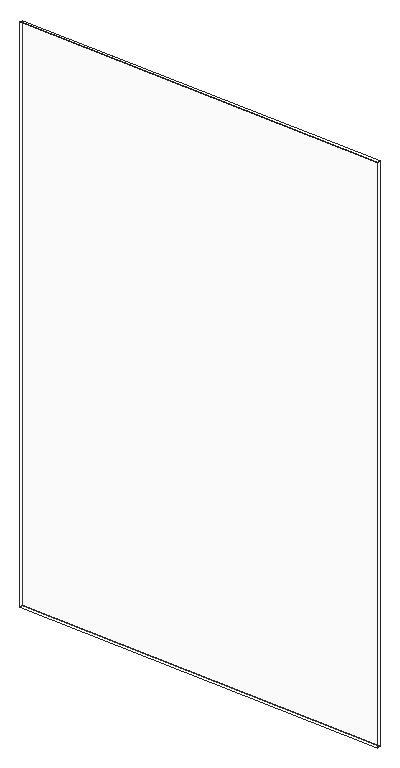
Revit family "Building-Materials_Glass-Glazing_Vitro-Architectural-Glass_Interior-Starphire-Glass", category Curtain Panels, Revit 2026
Family settings
  Classification Number = 23.25.20.14.11.11.17
  Always vertical = Yes
  Cut with Voids When Loaded = No
  Shared = No
Parameters (values of type "Starphire for Interiors 5/8"")
  Visual Light Transmittance = if(Thickness > 0' 0 3/8", 0.9, 0.91)  # 0.9
  UV Light Transmittance = 0.81
  URL = "https://www.vitroglazings.com/"
  U-Value Argon (Winter Night) = 0.0000 BTU/(h·ft²·°F)
  U-Value Argon (Summer Day) = 0.0000 BTU/(h·ft²·°F)
  U-Value Air (Winter Night) = 0.9700 BTU/(h·ft²·°F)
  U-Value Air (Summer Day) = 0.0000 BTU/(h·ft²·°F)
  Thickness = 0' - 0 5/8"
  Thermal Resistance (R) = 8.3333 (h·ft²·°F)/BTU  # constant formula
  Solar Light Transmittance = 0.84
  Solar Heat Gain Coefficient = if(Thickness = 0' 0 3/4", 0.86, if(Thickness = 0' 0 5/8", 0.87, if(Thickness = 0' 0 1/2", 0.88, if(or(Thickness = 0' 0 3/8", Thickness = 0' 0 5/16"), 0.89, if(or(Thickness = 0' 0 1/4", Thickness = 0' 0 3/16"), 0.9, 0.91)))))  # 0.87
  Shadow Coefficient = 0
  Reflectance (Visible Interior) = 8
  Reflectance (Visible Exterior) = 8
  Product data url = "https://www.bimobject.com/vitroarchictecturalglass/product/interior-starphire-glass"
  Product Page URL = "https://www.vitroglazings.com/products/low-iron-glass/starphire-ultra-clear-glass/interior-starphire-glass/"
  Product Guid = "72ebaecd-b86f-4219-9226-cf644da1d110"  # constant formula
  Model = "Starphire for Interiors 5/8\""
  Manufacturer = "Vitro Architectural Glass "  # constant formula
  Light to Solar Gain = 1.03
  Keynote = "08900"
  ISO Damage Weighted Transmittance = 0
  Heat Transfer Coefficient (U) = 0.2900 BTU/(h·ft²·°F)  # constant formula
  Glass Material = Vitro Architectural-Glass - Starphire
  Finish = "Glass"
  Description = "The unique Starphire® glass edge brings more light into interior spaces while offering unmatched levels of brightness, color fidelity, clarity and visual excitement."  # constant formula
  Define Thermal Properties by = Schematic Type
  Assembly Code = "B2020220"
  Analytic Construction = "Large single-glazed windows"
Types (9): name | Visual Light Transmittance | UV Light Transmittance | U-Value Air (Winter Night) | U-Value Air (Summer Day) | Thickness | Solar Light Transmittance | Solar Heat Gain Coefficient | Shadow Coefficient | Model | Light to Solar Gain | ISO Damage Weighted Transmittance
  Starphire for Interiors 1/8" | 0.91 | 0.89 | 1.0400 BTU/(h·ft²·°F) | 0.0000 BTU/(h·ft²·°F) | 0' - 0 1/8" | 0.9 | 0.91 | 0 | "Starphire for Interiors 1/8\"" | 1 | 0
  Starphire for Interiors 5/32" | 0.91 | 0.88 | 1.0400 BTU/(h·ft²·°F) | 0.0000 BTU/(h·ft²·°F) | 0' - 0 5/32" | 0.9 | 0.91 | 0 | "Starphire for Interiors 5/32\"" | 1 | 0
  Starphire for Interiors 3/16" | 0.91 | 0.88 | 1.0300 BTU/(h·ft²·°F) | 0.0000 BTU/(h·ft²·°F) | 0' - 0 3/16" | 0.9 | 0.9 | 0 | "Starphire for Interiors 3/16\"" | 1.01 | 0
  Starphire for Interiors 1/4" | 0.91 | 0.87 | 1.0200 BTU/(h·ft²·°F) | 0.9200 BTU/(h·ft²·°F) | 0' - 0 1/4" | 0.89 | 0.9 | 1.03 | "Starphire for Interiors 1/4\"" | 1.01 | 0.898
  Starphire for Interiors 5/16" | 0.91 | 0.86 | 1.0100 BTU/(h·ft²·°F) | 0.0000 BTU/(h·ft²·°F) | 0' - 0 5/16" | 0.88 | 0.89 | 0 | "Starphire for Interiors 5/16\"" | 1.02 | 0
  Starphire for Interiors 3/8" | 0.91 | 0.85 | 1.0000 BTU/(h·ft²·°F) | 0.0000 BTU/(h·ft²·°F) | 0' - 0 3/8" | 0.87 | 0.89 | 0 | "Starphire for Interiors 3/8\"" | 1.02 | 0
  Starphire for Interiors 1/2" | 0.9 | 0.83 | 0.9800 BTU/(h·ft²·°F) | 0.0000 BTU/(h·ft²·°F) | 0' - 0 1/2" | 0.86 | 0.88 | 0 | "Starphire for Interiors 1/2\"" | 1.02 | 0
  Starphire for Interiors 5/8" | 0.9 | 0.81 | 0.9700 BTU/(h·ft²·°F) | 0.0000 BTU/(h·ft²·°F) | 0' - 0 5/8" | 0.84 | 0.87 | 0 | "Starphire for Interiors 5/8\"" | 1.03 | 0
  Starphire for Interiors 3/4" | 0.9 | 0.8 | 0.9500 BTU/(h·ft²·°F) | 0.0000 BTU/(h·ft²·°F) | 0' - 0 3/4" | 0.83 | 0.86 | 0 | "Starphire for Interiors 3/4\"" | 1.05 | 0
Reference planes (in)
  plane 1 "Front": y = 0
  plane 2: z = 0
  plane 3 "Center (Left/Right)": x = 0
  plane 4 "Left": x = -32.75106
  plane 5 "Right": x = 32.75106
  plane 6 "Top": z = 96
  plane 7: y = 0.3125
  plane 8: y = -0.3125
Forms (in)
  Extrusion 1, solid, material "Vitro Architectural-Glass - Starphire" <- "Glass Material"
    sketch origin (0, 0.5, 0) x (1, 0, 0) y (0, 1, 0)
      loop
        line (-32.75106, -0.1875) -> (-32.75106, -0.8125) -> (32.75106, -0.8125) -> (32.75106, -0.1875) -> (-32.75106, -0.1875)
    from 0 to 96
Text (in)
  text "Exterior" at (-54.29358, 31.38743, 0), in view "Ref. Level"
  text "Exterior" at (480, 41.53993, 89.60405), in view "Right"
  text "Exterior" at (-240, 57.82419, 105.78864), in view "Left"
Dimensions and locks (in)
  equal spacing: plane 4 "Left", plane 3 "Center (Left/Right)", plane 5 "Right"
  plane 7 to Extrusion 1 sketch curve = 0' - 0"
  equal spacing: plane 7, plane 1 "Front", plane 8
  "Thickness": plane 7 to plane 8
  aligned and locked: level to plane 2
  aligned and locked: Extrusion 1 sketch curve to plane 4 "Left"
  aligned and locked: plane 5 "Right" to Extrusion 1 sketch curve
  aligned and locked: Extrusion 1 to plane 6 "Top"
  aligned and locked: Extrusion 1 to level
  aligned and locked: plane 7 to Extrusion 1
  aligned and locked: Extrusion 1 to plane 8
Automatic sketch dimensions
  Extrusion 1 sketch curve to plane 7 = 0' - 0 5/8"
